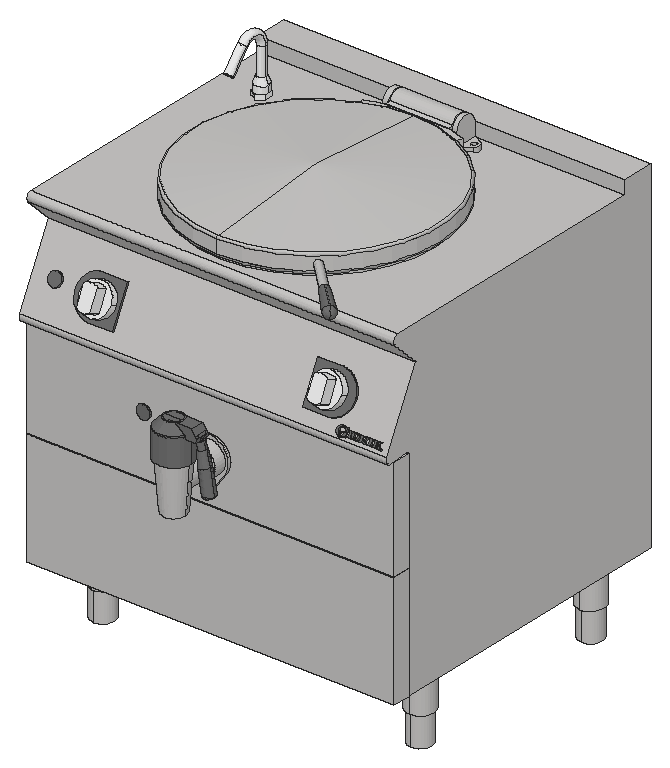
Revit family "QF_GIORIK_PGI705", category Specialty Equipment, Revit 2014
Parameters (values of type "PGI705")
  Weight in Pounds = 264.5544
  Waste Water Discharge Temperature [instance] = 0 °C
  URL Cutsheet = "www.giorik.com"
  URL = "www.giorik.com"
  Status [instance] = ""
  Specification by User [instance] = ""
  Specification by Manufacturer = ""
  Show Logo [instance] = yes
  Show Clearance [instance] = yes
  Serial Number = ""
  Seismic Rating = ""
  SMACNA No = ""
  Revision Code [instance] = ""
  Plumbing Remarks [instance] = ""
  Plumbing Connection Type [instance] = ""
  NAFEM Spec ID Number = ""
  Model = "PGI705"
  Masterspec = ""
  Manufacturer = "GIORIK"
  Item Number [instance] = ""
  Installed By [instance] = ""
  Indirect Waste Size = 3/4"
  Indirect Waste Flow = 0.0 L/s
  Indirect Waste Connection Type [instance] = ""
  Indirect Waste Connection Height [instance] = 150 mm
  Identify Quantity as Lot [instance] = no
  Hot Water Temperature = 0 °C
  Hot Water Size = 1/2"
  Hot Water RI Height [instance] = 0 mm
  Hot Water Minimum Pressure = 20000.0 Pa
  Hot Water Maximum Pressure = 50000.0 Pa
  Hot Water Flow = 0.0 L/s
  Hot Water Consumption = 0.0 L/s
  Hot Water Connection Height = 150 mm
  Gas Size = 1"
  Gas RI Height [instance] = 0 mm
  Gas KW = 12
  Gas Input = 12000 W
  Gas Connection Height [instance] = 150 mm
  Furnished By [instance] = ""
  Foodservice Equipment Identifier [instance] = yes
  Description = "50 LITRE GAS BOILING PAN - INDIRECT HEATING VERSION."
  Cold Water Temperature Recommended = 0 °C
  Cold Water Size = 1/2"
  Cold Water RI Height [instance] = 150 mm
  Cold Water Minimum Pressure = 20000.0 Pa
  Cold Water Maximum Pressure = 50000.0 Pa
  Cold Water Flow [instance] = 0.0 L/s
  Cold Water Consumption [instance] = ""
  Cold Water Connection Height [instance] = 150 mm
  CSI MasterFormat = ""
  Assembly Code = "E1090320"
Reference planes
  plane 1 "Back": y = 0
  plane 2: z = 0
  plane 3 "Left": x = 0
  plane 4 "Right": x = 800
  plane 5 "Front": y = -720
  plane 6 "Top": z = 900
Forms (mm)
  Extrusion 1, solid
    sketch origin (816, 1025.81, 0) x (-1, 0, 0) y (0, -1, 0)
      loop
        line (25, 1086.81) -> (115, 1086.81) -> (115, 1156.81) -> (25, 1156.81) -> (25, 1086.81)
    from 148 to 150
  Extrusion 2, solid
    sketch origin (816, 560.81, 0) x (-1, 0, 0) y (0, -1, 0)
      loop
        line (25, 1086.81) -> (115, 1086.81) -> (115, 1156.81) -> (25, 1156.81) -> (25, 1086.81)
    from 148 to 150
  Revolve 3, solid
    sketch origin (746, 560.81, 0) x (0, 1, 0) y (0, 0, 1)
      loop
        line (-1092.56, 66) -> (-1092.56, 148) -> (-1121.81, 148) -> (-1121.81, 0) -> (-1096.81, 0) -> (-1096.81, 66) -> (-1092.56, 66)
      axis (-1121.81, 0) -> (-1121.81, 148)
    angle from 0 to 360
  Revolve 4, solid
    sketch origin (746, 1025.81, 0) x (0, 1, 0) y (0, 0, 1)
      loop
        line (-1092.56, 66) -> (-1092.56, 148) -> (-1121.81, 148) -> (-1121.81, 0) -> (-1096.81, 0) -> (-1096.81, 66) -> (-1092.56, 66)
      axis (-1121.81, 0) -> (-1121.81, 148)
    angle from 0 to 360
  Extrusion 5, solid
    sketch origin (124, 1025.81, 0) x (-1, 0, 0) y (0, -1, 0)
      loop
        line (25, 1086.81) -> (115, 1086.81) -> (115, 1156.81) -> (25, 1156.81) -> (25, 1086.81)
    from 148 to 150
  Extrusion 6, solid
    sketch origin (124, 560.81, 0) x (-1, 0, 0) y (0, -1, 0)
      loop
        line (25, 1086.81) -> (115, 1086.81) -> (115, 1156.81) -> (25, 1156.81) -> (25, 1086.81)
    from 148 to 150
  Revolve 7, solid
    sketch origin (54, 560.81, 0) x (0, 1, 0) y (0, 0, 1)
      loop
        line (-1092.56, 66) -> (-1092.56, 148) -> (-1121.81, 148) -> (-1121.81, 0) -> (-1096.81, 0) -> (-1096.81, 66) -> (-1092.56, 66)
      axis (-1121.81, 0) -> (-1121.81, 148)
    angle from 0 to 360
  Revolve 8, solid
    sketch origin (54, 1025.81, 0) x (0, 1, 0) y (0, 0, 1)
      loop
        line (-1092.56, 66) -> (-1092.56, 148) -> (-1121.81, 148) -> (-1121.81, 0) -> (-1096.81, 0) -> (-1096.81, 66) -> (-1092.56, 66)
      axis (-1121.81, 0) -> (-1121.81, 148)
    angle from 0 to 360
  Revolve 9, solid
    sketch origin (400, -935.878, 30.026) x (0, 1, 0) y (0, 0, 1)
      loop
        line (263, 839.987) -> (523.5, 839.987) -> (523.5, 911.488)
        arc (523.5, 911.488) -> (389.852, 905.568) -> (257.251, 887.853) r 1511.497
        arc (257.251, 887.853) -> (254.241, 886.302) -> (253.5, 882.997) r 4
        line (253.5, 882.997) -> (253.5, 853.492)
        arc (253.5, 853.492) -> (254.572, 849.465) -> (258.468, 847.987) r 4.564
        line (258.468, 847.987) -> (263, 847.987) -> (263, 839.987)
      axis (523.5, 911.488) -> (523.5, 839.987)
    angle from 0 to 360
  Extrusion 10, solid
    sketch origin (331, -1425.878, 20.026) x (0, 1, 0) y (0, 0, 1)
      loop
        line (1291, 862) -> (1321, 862)
        arc (1321, 862) -> (1341.196, 898.967) -> (1299.177, 895.988) r 24
        arc (1299.177, 895.988) -> (1295.549, 893.05) -> (1291, 892) r 10.377
        line (1291, 892) -> (1291, 862)
    from 0 to 138
  Extrusion 11, solid
    sketch origin (319, -1425.878, 20.026) x (0, 1, 0) y (0, 0, 1)
      loop
        line (1297, 850) -> (1345, 850) -> (1345, 886)
        arc (1345, 886) -> (1321, 910) -> (1297, 886) r 24
        line (1297, 886) -> (1297, 850)
    from 0 to 12
  Extrusion 12, solid
    sketch origin (0, -1425.878, 870.026) x (0, 1, 0) y (-1, 0, 0)
      loop
        line (1345, -319) -> (1330.367, -295.233)
        arc (1330.367, -295.233) -> (1321, -290) -> (1311.633, -295.233) r 11
        line (1311.633, -295.233) -> (1297, -319) -> (1345, -319)
      loop
        circle (1321, -301) r 5.5
    from 0 to 9
  Extrusion 13, solid
    sketch origin (800, -1425.878, 870.026) x (0, 1, 0) y (-1, 0, 0)
      loop
        line (1345, 319) -> (1297, 319) -> (1311.633, 295.233)
        arc (1311.633, 295.233) -> (1321, 290) -> (1330.367, 295.233) r 11
        line (1330.367, 295.233) -> (1345, 319)
      loop
        circle (1321, 301) r 5.5
    from 0 to 9
  Extrusion 14, solid
    sketch origin (469, -1425.878, 20.026) x (0, 1, 0) y (0, 0, 1)
      loop
        line (1297, 850) -> (1345, 850) -> (1345, 886)
        arc (1345, 886) -> (1321, 910) -> (1297, 886) r 24
        line (1297, 886) -> (1297, 850)
    from 0 to 12
  Extrusion 15, solid
    sketch origin (-20, -700, -21.499) x (1, 0, 0) y (0, 0, 1)
      loop
        arc (455.029, 495.06) -> (420, 563) -> (384.971, 495.06) r 43
        line (384.971, 495.06) -> (408.595, 461.88)
        arc (408.595, 461.88) -> (420, 456) -> (431.405, 461.88) r 14
        line (431.405, 461.88) -> (455.029, 495.06)
      loop
        circle (420, 470) r 5
    from 0 to 6
  Revolve 16, solid
    sketch origin (-20, -800, -21.499) x (1, 0, 0) y (0, 0, 1)
      loop
        line (420, 560) -> (420, 490) -> (440, 490) -> (440, 454) -> (445, 454) -> (454.5, 560) -> (420, 560)
      axis (420, 454) -> (420, 560)
    angle from 0 to 360
  Revolve 17, solid
    sketch origin (-20, -800, -21.499) x (1, 0, 0) y (0, 0, 1)
      loop
        line (420, 560) -> (459.015, 560) -> (459.015, 618.943)
        arc (459.015, 618.943) -> (458.824, 619.904) -> (458.279, 620.718) r 2.507
        line (458.279, 620.718) -> (440.712, 638.268)
        arc (440.712, 638.268) -> (439.901, 638.81) -> (438.944, 639) r 2.5
        line (438.944, 639) -> (420, 639) -> (420, 560)
      axis (420, 560) -> (420, 639)
    angle from 0 to 360
  Revolve 18, solid
    sketch origin (400, 100, -21.499) x (0, 1, 0) y (0, 0, 1)
      loop
        line (-900, 520) -> (-806, 520) -> (-806, 556) -> (-833.409, 556)
        arc (-833.409, 556) -> (-835.601, 555.494) -> (-837.349, 554.078) r 5
        line (-837.349, 554.078) -> (-839.034, 551.922)
        arc (-839.034, 551.922) -> (-840.782, 550.506) -> (-842.974, 550) r 5
        line (-842.974, 550) -> (-900, 550) -> (-900, 520)
      axis (-806, 520) -> (-900, 520)
    angle from 0 to 360
  Extrusion 19, solid
    sketch origin (0, 64.122, 882.026) x (0, 1, 0) y (-1, 0, 0)
      loop
        line (-213.194, -290.935) -> (-227.053, -296.675)
        arc (-227.053, -296.675) -> (-206.785, -400) -> (-227.053, -503.325) r 273.514
        line (-227.053, -503.325) -> (-213.194, -509.065)
        arc (-213.194, -509.065) -> (-204.722, -487.451) -> (-199, -464.952) r 186.513
        line (-199, -464.952) -> (-199, -335.048)
        arc (-199, -335.048) -> (-204.722, -312.549) -> (-213.194, -290.935) r 186.513
    from 0 to 30
  Extrusion 20, solid
    sketch origin (0, 1000, -19.915) x (0, 1, 0) y (0, 0, 1)
      loop
        line (-1000, 919.915) -> (-1070, 919.915) -> (-1070, 889.928) -> (-1688.806, 889.928)
        arc (-1688.806, 889.928) -> (-1698.967, 883.474) -> (-1697.445, 871.534) r 11.226
        line (-1697.445, 871.534) -> (-1640.876, 814.965) -> (-1718.948, 661.198)
        arc (-1718.948, 661.198) -> (-1718.233, 650.046) -> (-1708.118, 645.294) r 10.981
        line (-1708.118, 645.294) -> (-1660, 649.865) -> (-1660, 170) -> (-1000, 170) -> (-1000, 919.915)
    from 0 to 800
  Extrusion 21, solid
    sketch origin (820, -785, -21.499) x (-1, 0, 0) y (0, 0, -1)
      loop
        line (368, -639) -> (420, -639) -> (420, -614) -> (364, -614)
        arc (364, -614) -> (359.031, -616.301) -> (358, -621.679) r 6
        line (358, -621.679) -> (368, -639)
    from 0 to 30
  Revolve 22, solid
    sketch origin (820, -800, -21.499) x (-1, 0, 0) y (0, 0, -1)
      loop
        line (365.701, -595.491) -> (367.06, -595.251) -> (364.458, -563.216) -> (355.081, -510.037)
        arc (355.081, -510.037) -> (353.847, -508.1) -> (351.605, -507.603) r 3
        line (351.605, -507.603) -> (342.25, -509.253) -> (357.704, -596.901) -> (361.964, -621.057) -> (364.84, -620.55) -> (363.426, -612.529) -> (368.546, -611.626) -> (365.701, -595.491)
      axis (361.964, -621.057) -> (342.25, -509.253)
    angle from 0 to 360
  Extrusion 23, solid
    sketch origin (820, -790, -21.499) x (-1, 0, 0) y (0, 0, -1)
      loop
        arc (360.934, -626.761) -> (371.174, -617.461) -> (358, -621.679) r 7.078
        line (358, -621.679) -> (360.934, -626.761)
    from 0 to 20
  Extrusion 24, solid
    sketch origin (0, -687.576, 0) x (1, 0, 0) y (0, 0, 1)
      loop
        circle (254.679, 532.341) r 15
    from 12.424 to 14.424
  Extrusion 25, solid
    sketch origin (-6.328, -1011.709, 64.687) x (1, 0, 0) y (0, 0.452718, 0.891654)
      loop
        circle (55.091, 725.192) r 15
    from 0 to 2
  Extrusion 26, solid
    sketch origin (-202.569, -1014.126, 65.817) x (1, 0, 0) y (0, 0.45351, 0.891251)
      loop
        circle (351.331, 721.346) r 35
    from 0 to 15
  Extrusion 27, solid
    sketch origin (-202.569, -1014.126, 65.817) x (1, 0, 0) y (0, 0.45351, 0.891251)
      loop
        line (336.331, 743.846) -> (336.331, 698.846)
        arc (336.331, 698.846) -> (351.331, 693.846) -> (366.331, 698.846) r 25
        line (366.331, 698.846) -> (366.331, 743.846)
        arc (366.331, 743.846) -> (351.331, 748.846) -> (336.331, 743.846) r 25
    from 15 to 40
  Extrusion 28, solid
    sketch origin (-270.935, -968.775, 43.221) x (1, 0, 0) y (0, 0.452718, 0.891654)
      loop
        line (463.221, 676.25) -> (463.221, 766.25) -> (409.698, 766.25)
        arc (409.698, 766.25) -> (364.698, 721.25) -> (409.698, 676.25) r 45
        line (409.698, 676.25) -> (463.221, 676.25)
    from 48 to 50
  Extrusion 29, solid
    sketch origin (1002.569, -1014.126, 65.817) x (-1, 0, 0) y (0, -0.45351, -0.891251)
      loop
        circle (351.331, -721.346) r 35
    from 0 to 15
  Extrusion 30, solid
    sketch origin (1002.569, -1014.126, 65.817) x (-1, 0, 0) y (0, -0.45351, -0.891251)
      loop
        arc (336.331, -743.846) -> (351.331, -748.846) -> (366.331, -743.846) r 25
        line (366.331, -743.846) -> (366.331, -698.846)
        arc (366.331, -698.846) -> (351.331, -693.846) -> (336.331, -698.846) r 25
        line (336.331, -698.846) -> (336.331, -743.846)
    from 15 to 40
  Extrusion 31, solid
    sketch origin (1070.935, -968.775, 43.221) x (-1, 0, 0) y (0, -0.452718, -0.891654)
      loop
        line (463.221, -676.25) -> (409.698, -676.25)
        arc (409.698, -676.25) -> (364.698, -721.25) -> (409.698, -766.25) r 45
        line (409.698, -766.25) -> (463.221, -766.25) -> (463.221, -676.25)
    from 48 to 50
  Extrusion 32, solid, visible <- "Show Logo"
    sketch origin (591.604, -736.761, 608.568) x (-1, 0, 0) y (0, 0.452718, 0.891654)
      loop
        line (-118.824, 58.358) -> (-127.804, 58.358) -> (-125.523, 56.445) -> (-125.523, 48.027) -> (-127.804, 46.113) -> (-118.824, 46.113) -> (-121.105, 48.027) -> (-121.105, 56.445) -> (-118.824, 58.358)
      loop
        line (-163.721, 58.358) -> (-172.7, 58.358) -> (-170.42, 56.445) -> (-170.42, 48.027) -> (-172.7, 46.113) -> (-163.721, 46.113) -> (-166.001, 48.027) -> (-166.001, 56.445) -> (-163.721, 58.358)
      loop
        line (-174.332, 58.358) -> (-183.312, 58.358) -> (-181.031, 56.445) -> (-181.031, 52.435) -> (-186.419, 56.955) -> (-184.416, 58.358) -> (-191.268, 58.358) -> (-188.01, 56.839) -> (-185.455, 54.283) -> (-190.846, 47.858) -> (-193.396, 46.93) -> (-193.396, 46.113) -> (-184.416, 46.113) -> (-185.437, 47.571) -> (-182.443, 51.552) -> (-181.031, 50.894) -> (-181.031, 48.027) -> (-183.312, 46.113) -> (-174.332, 46.113) -> (-176.613, 48.027) -> (-176.613, 56.445) -> (-174.332, 58.358)
      loop
        line (-115.429, 62.063) -> (-115.429, 54.198)
        arc (-115.429, 54.198) -> (-111.618, 57.803) -> (-106.847, 59.986) r 16.039
        arc (-106.847, 59.986) -> (-103.314, 59.837) -> (-100.512, 57.68) r 5.851
        arc (-100.512, 57.68) -> (-98.815, 52.267) -> (-100.512, 46.853) r 9.479
        arc (-100.512, 46.853) -> (-102.406, 44.986) -> (-104.846, 43.93) r 7.236
        arc (-104.846, 43.93) -> (-107.728, 44.111) -> (-110.052, 45.825) r 5.11
        line (-110.052, 45.825) -> (-110.052, 52.001) -> (-116.141, 52.001) -> (-116.141, 45.503) -> (-117.893, 43.751) -> (-114.094, 44.769)
        arc (-114.094, 44.769) -> (-112.56, 44.947) -> (-111.129, 44.366) r 3.115
        arc (-111.129, 44.366) -> (-104.216, 42.091) -> (-97.303, 44.366) r 11.641
        arc (-97.303, 44.366) -> (-93.396, 52.107) -> (-97.303, 59.849) r 9.622
        arc (-97.303, 59.849) -> (-104.369, 62.174) -> (-111.435, 59.849) r 11.898
        line (-111.435, 59.849) -> (-115.429, 62.063)
      loop
        arc (-129.234, 56.068) -> (-135.893, 58.628) -> (-142.552, 56.068) r 9.941
        arc (-142.552, 56.068) -> (-144.234, 52.286) -> (-142.552, 48.505) r 5.093
        arc (-142.552, 48.505) -> (-135.893, 45.945) -> (-129.234, 48.505) r 9.941
        arc (-129.234, 48.505) -> (-127.552, 52.286) -> (-129.234, 56.068) r 5.093
      loop
        arc (-132.628, 54.403) -> (-135.893, 57.668) -> (-139.158, 54.403) r 3.265
        line (-139.158, 54.403) -> (-139.158, 50.169)
        arc (-139.158, 50.169) -> (-135.893, 46.904) -> (-132.628, 50.169) r 3.265
        line (-132.628, 50.169) -> (-132.628, 54.403)
      loop
        arc (-156.363, 58.365) -> (-159.647, 55.081) -> (-156.363, 51.796) r 3.285
        line (-156.363, 51.796) -> (-159.529, 47.306) -> (-162.087, 46.113) -> (-155.847, 46.113) -> (-153.529, 51.083) -> (-150.637, 51.083) -> (-150.637, 47.784) -> (-153.022, 46.113) -> (-144.011, 46.113) -> (-146.094, 47.68) -> (-146.094, 56.493) -> (-144.229, 58.365) -> (-156.363, 58.365)
      loop
        line (-150.637, 57.512) -> (-153.637, 57.512)
        arc (-153.637, 57.512) -> (-156.237, 54.912) -> (-153.637, 52.312) r 2.6
        line (-153.637, 52.312) -> (-150.637, 52.312) -> (-150.637, 57.512)
      loop
        line (-108.924, 52.001) -> (-104.936, 49.005) -> (-100.948, 52.001) -> (-108.924, 52.001)
    from 1.5 to -0.5
  Revolve 33, solid
    sketch origin (735, -185.878, -14.987) x (-1, 0, 0) y (0, 0, -1)
      loop
        line (635, -895) -> (635, -925) -> (645, -925) -> (650, -910) -> (650, -895) -> (635, -895)
      axis (635, -925) -> (635, -895)
    angle from 0 to 360
  Sweep 34, solid
    path origin (100, 51.122, -14.987) x (0, 1, 0) y (0, 0, -1)
      loop
        line (-237, -925) -> (-237, -986.382)
        arc (-237, -986.382) -> (-256.494, -1014.482) -> (-289.641, -1006.064) r 30
        line (-289.641, -1006.064) -> (-326.852, -963.258)
    profile origin (100, -185.878, 940.704) x (0, 1, 0) y (-1, 0, 0)
      loop
        circle (0, 0) r 9
  Extrusion 35, solid
    sketch origin (1534.526, 359.652, 885.013) x (0.975272, 0.221007, 0) y (-0.221007, 0.975272, 0)
      loop
        line (-1502.427, -209.668) -> (-1515.641, -197.445) -> (-1532.833, -202.777) -> (-1536.811, -220.332) -> (-1523.598, -232.555) -> (-1506.406, -227.223) -> (-1502.427, -209.668)
    from -15 to -5
  Extrusion 36, solid
    sketch origin (0, 0, 0) x (0, 1, 0) y (0, 0, 1)
      loop
        line (-660, 624.427) -> (-700, 624.427) -> (-700, 401.427) -> (-660, 401.427) -> (-660, 624.427)
    from 0 to 800
  Extrusion 37, solid
    sketch origin (0, 0, -240) x (0, 1, 0) y (0, 0, 1)
      loop
        line (-660, 640) -> (-700, 640) -> (-700, 390) -> (-660, 390) -> (-660, 640)
    from 0 to 800
  Extrusion 38, solid
    sketch origin (130, -200, 100.085) x (0, 1, 0) y (-1, 0, 0)
      loop
        circle (0, 0) r 6.5
    from 30 to 50
  Extrusion 39, solid
    sketch origin (50, -318.442, 100.085) x (0, 1, 0) y (-1, 0, 0)
      loop
        circle (-160, 0) r 12.5
    from 30 to 50
  Extrusion 40, solid
    sketch origin (104, -157, 100.085) x (0, 1, 0) y (-1, 0, 0)
      loop
        circle (-70, 0) r 6.5
    from 30 to 50
  Extrusion 41, solid, visible <- "Show Clearance", detail levels coarse
    sketch origin (130, 0, 70.974) x (0, 1, 0) y (0, 0, 1)
      loop
        arc (-80.878, 1446.904) -> (-506.111, 1271.7) -> (-682.378, 846.906) r 600
        line (-682.378, 846.906) -> (-80.878, 846.906) -> (-80.878, 1446.904)
    from 0 to 540
  Extrusion 42, solid
    sketch origin (170, -585, 900) x (0, 1, 0) y (-1, 0, 0)
      loop
        circle (0, 0) r 12.4
    from -750 to -769.915
  Revolve 43, solid
    sketch origin (160.983, -209.817, -52.38) x (-0.707107, 0.707107, 0) y (0, 0, -1)
      loop
        line (-671.931, -950.485) -> (-763.471, -950.485)
        arc (-763.471, -950.485) -> (-759.812, -959.317) -> (-750.98, -962.976) r 12.491
        line (-750.98, -962.976) -> (-671.931, -960.125) -> (-671.931, -950.485)
      axis (-671.931, -950.485) -> (-763.471, -950.485)
    angle from 0 to 360
  Extrusion 44, solid
    sketch origin (1359.702, -277.165, -52.38) x (-0.707107, -0.707107, 0) y (0, 0, -1)
      loop
        circle (800, -950.485) r 7.5
    from -223.314 to -315.051
Lines and regions (mm)
  symbolic lines, style "200-EquipBorder-2D"
    curve 1: line (0, -720, 0) -> (800, -720, 0)
    curve 2: line (800, -720, 0) -> (800, 0, 0)
    curve 3: line (800, 0, 0) -> (0, 0, 0)
    curve 4: line (0, 0, 0) -> (0, -720, 0)
    curve 40: arc (436.017, -785, 900) -> (360.985, -800, 900) -> (436.017, -815, 900) r 39.015
    curve 41: line (400, -815, 900) -> (462.241, -815, 900)
    curve 42: line (400, -785, 900) -> (400, -815, 900)
    curve 43: line (462.241, -785, 900) -> (400, -785, 900)
    curve 44: line (462.241, -785, 900) -> (462.241, -815, 900)
    curve 45: line (430.006, -775.063, 900) -> (430.006, -743.838, 900)
    curve 46: line (435.935, -733.569, 900) -> (435.935, -720, 900)
    curve 47: line (369.994, -775.063, 900) -> (369.994, -743.838, 900)
    curve 48: line (364.008, -733.469, 900) -> (364.008, -720, 900)
    curve 49: arc (369.994, -743.838, 900) -> (369.061, -740.356, 900) -> (366.512, -737.806, 900) r 6.965
    curve 50: arc (366.512, -737.806, 900) -> (364.679, -735.973, 900) -> (364.008, -733.469, 900) r 5.008
    curve 51: arc (430.006, -743.838, 900) -> (430.791, -740.279, 900) -> (433.481, -737.819, 900) r 6.041
    curve 52: arc (433.481, -737.819, 900) -> (435.38, -736.082, 900) -> (435.935, -733.569, 900) r 4.265
    curve 53: line (477.501, -787.499, 900) -> (467.858, -787.499, 900)
    curve 54: line (467.858, -812.499, 900) -> (477.501, -812.499, 900)
    curve 55: arc (477.501, -812.499, 900) -> (490.001, -799.999, 900) -> (477.501, -787.499, 900) r 12.5
    curve 56: arc (467.858, -787.499, 900) -> (464.972, -787.837, 900) -> (462.241, -788.832, 900) r 12.5
    curve 57: arc (462.241, -811.166, 900) -> (464.972, -812.162, 900) -> (467.858, -812.499, 900) r 12.5
    curve 73: line (163.763, -732.843, 900) -> (163.763, -720, 900)
    curve 74: arc (163.763, -732.843, 900) -> (148.758, -735.182, 900) -> (133.763, -732.783, 900) r 48.682
    curve 75: line (133.763, -732.783, 900) -> (133.763, -720, 900)
    curve 76: arc (636.237, -732.843, 900) -> (651.241, -735.173, 900) -> (666.237, -732.801, 900) r 49.042
    curve 77: line (636.237, -732.843, 900) -> (636.237, -720, 900)
    curve 84: line (666.237, -732.801, 900) -> (666.237, -731.467, 900)
  symbolic lines, style "200-EquipInternal-2D"
    curve 5: line (171.031, -35, 900) -> (629, -35, 900)
    curve 6: line (629, -32, 900) -> (171.031, -32, 900)
    curve 7: line (168, -25, 900) -> (632, -25, 900)
    curve 8: line (632, -22, 900) -> (168, -22, 900)
    curve 9: line (165, -15, 900) -> (635, -15, 900)
    curve 10: line (635, -12, 900) -> (165, -12, 900)
    curve 11: line (168, -22, 900) -> (168, -25, 900)
    curve 12: line (171.031, -32, 900) -> (171.031, -35, 900)
    curve 13: line (165, -12, 900) -> (165, -15, 900)
    curve 14: line (635, -15, 900) -> (635, -12, 900)
    curve 15: line (632, -25, 900) -> (632, -22, 900)
    curve 16: line (629, -35, 900) -> (629, -32, 900)
    curve 17: line (0, -70, 900) -> (800, -70, 900)
    curve 18: arc (400, -682.378, 900) -> (130, -412.378, 900) -> (400, -142.378, 900) r 270
    curve 19: arc (400, -146.129, 900) -> (133.751, -412.378, 900) -> (400, -678.627, 900) r 266.249
    curve 20: arc (400, -678.627, 900) -> (666.249, -412.378, 900) -> (400, -146.129, 900) r 266.249
    curve 21: arc (400, -142.378, 900) -> (670, -412.378, 900) -> (400, -682.378, 900) r 270
    curve 22: line (290.935, -149.072, 900) -> (296.675, -162.931, 900)
    curve 23: arc (335.048, -134.878, 900) -> (312.549, -140.6, 900) -> (290.935, -149.072, 900) r 186.513
    curve 24: line (295.233, -114.245, 900) -> (319, -128.878, 900)
    curve 25: arc (295.233, -95.511, 900) -> (290, -104.878, 900) -> (295.233, -114.245, 900) r 11
    curve 26: line (319, -80.878, 900) -> (295.233, -95.511, 900)
    curve 27: arc (301, -99.378, 900) -> (306.5, -104.878, 900) -> (301, -110.378, 900) r 5.5
    curve 28: arc (301, -110.378, 900) -> (295.5, -104.878, 900) -> (301, -99.378, 900) r 5.5
    curve 29: line (481, -80.878, 900) -> (319, -80.878, 900)
    curve 30: line (319, -128.878, 900) -> (331, -128.878, 900)
    curve 31: line (469, -134.878, 900) -> (331, -134.878, 900)
    curve 32: line (469, -128.878, 900) -> (481, -128.878, 900)
    curve 33: line (481, -128.878, 900) -> (504.767, -114.245, 900)
    curve 34: arc (499, -110.378, 900) -> (493.5, -104.878, 900) -> (499, -99.378, 900) r 5.5
    curve 35: arc (499, -99.378, 900) -> (504.5, -104.878, 900) -> (499, -110.378, 900) r 5.5
    curve 36: arc (504.767, -114.245, 900) -> (510, -104.878, 900) -> (504.767, -95.511, 900) r 11
    curve 37: line (504.767, -95.511, 900) -> (481, -80.878, 900)
    curve 38: line (469, -134.878, 900) -> (469, -128.878, 900)
    curve 39: line (331, -134.878, 900) -> (331, -128.878, 900)
    curve 58: line (84.412, -176.878, 900) -> (84.412, -194.878, 900)
    curve 59: line (100, -167.878, 900) -> (84.412, -176.878, 900)
    curve 60: line (115.588, -176.878, 900) -> (100, -167.878, 900)
    curve 61: line (115.588, -194.878, 900) -> (115.588, -176.878, 900)
    curve 62: arc (91, -185.878, 900) -> (100, -176.878, 900) -> (109, -185.878, 900) r 9
    curve 63: spline (109, -275.73, 900) -> (108.693, -277.488, 900) -> (107.794, -279.126, 900) -> (106.364, -280.533, 900) -> (104.5, -281.612, 900) -> (102.329, -282.291, 900) -> (100, -282.522, 900) -> (97.671, -282.291, 900) -> (95.5, -281.612, 900) -> (93.636, -280.533, 900) -> (92.206, -279.126, 900) -> (91.307, -277.488, 900) -> (91, -275.73, 900)
    curve 64: line (109, -185.878, 900) -> (109, -275.73, 900)
    curve 65: line (91, -275.73, 900) -> (91, -185.878, 900)
    curve 66: line (84.412, -194.878, 900) -> (91, -198.682, 900)
    curve 67: line (109, -198.682, 900) -> (115.588, -194.878, 900)
    curve 68: arc (509.065, -149.072, 900) -> (487.451, -140.6, 900) -> (464.952, -134.878, 900) r 186.513
    curve 69: line (503.325, -162.931, 900) -> (509.065, -149.072, 900)
    curve 70: arc (115, -185.878, 900) -> (113.416, -192.586, 900) -> (109, -197.878, 900) r 15
    curve 71: arc (85, -185.878, 900) -> (100, -170.878, 900) -> (115, -185.878, 900) r 15
    curve 72: arc (91, -197.878, 900) -> (86.584, -192.586, 900) -> (85, -185.878, 900) r 15
    curve 78: line (642.926, -678.127, 900) -> (629.294, -691.759, 900)
    curve 79: line (629.294, -691.759, 900) -> (683.174, -749.672, 900)
    curve 80: line (642.926, -678.127, 900) -> (700.839, -732.008, 900)
    curve 81: arc (700.839, -732.008, 900) -> (700.831, -749.665, 900) -> (683.174, -749.672, 900) r 12.491
    curve 82: line (641.413, -679.64, 900) -> (576.546, -614.773, 900)
    curve 83: line (630.807, -690.247, 900) -> (565.939, -625.379, 900)
Dimensions and locks
  plane 3 "Left" to plane 4 "Right" = 800 mm
  plane 5 "Front" to plane 1 "Back" = 720 mm
  plane 4 "Right" to plane 3 "Left" = 800 mm
  plane 1 "Back" to plane 5 "Front" = 720 mm
  plane 6 "Top" to level = 900 mm  (x2)
  aligned and locked: level to plane 2
Connectors
  piping at (130, -200, 130.085), diameter 12.7, driven by "Hot Water Size", driven by "Hot Water Flow"
    settings: on Extrusion 38, index 1, connector inside diameter 24", connector length 0 mm, flow factor 0, pipe flow 0.0 L/s, pressure drop 0.0 Pa, fitting loss kfactor 0, connector angle 0.00°, fixture units 0, engagement length 0 mm, angle of deflection 0.00°, flow configuration 1, flow direction 1, fitting loss method 0, system type 19, joint type 0, gender type 0, connector reference index -1, connector utility 0, adjustable connector no, is connector primary yes, connector description "Hot Water Inlet"
  piping at (104, -227, 130.085), diameter 12.7, driven by "Cold Water Size", driven by "Cold Water Flow"
    settings: on Extrusion 40, index 2, connector inside diameter 24", connector length 0 mm, flow factor 0, pipe flow 0.0 L/s, pressure drop 0.0 Pa, fitting loss kfactor 0, connector angle 0.00°, fixture units 0, engagement length 0 mm, angle of deflection 0.00°, flow configuration 1, flow direction 1, fitting loss method 0, system type 20, joint type 0, gender type 0, connector reference index -1, connector utility 0, adjustable connector no, is connector primary no, connector description "Cold Water Inlet"
  piping at (50, -478.442, 130.085), diameter 25.4, driven by "Gas Size"
    settings: on Extrusion 39, index 3, connector inside diameter 24", connector length 0 mm, flow factor 0, pipe flow 0.0 L/s, pressure drop 0.0 Pa, fitting loss kfactor 0, connector angle 0.00°, fixture units 0, engagement length 0 mm, angle of deflection 0.00°, flow configuration 1, flow direction 1, fitting loss method 0, system type 22, joint type 0, gender type 0, connector reference index -1, connector utility 0, adjustable connector no, is connector primary no, connector description "Gas inlet"
  piping at (170, -585, 130.085), diameter 19.05, driven by "Indirect Waste Size", driven by "Indirect Waste Flow"
    settings: on Extrusion 42, index 4, connector inside diameter 24", connector length 0 mm, flow factor 0, pipe flow 0.0 L/s, pressure drop 0.0 Pa, fitting loss kfactor 0, connector angle 0.00°, fixture units 0, engagement length 0 mm, angle of deflection 0.00°, flow configuration 1, flow direction 2, fitting loss method 0, system type 16, joint type 0, gender type 0, connector reference index -1, connector utility 0, adjustable connector no, is connector primary no, connector description "Drain connection"
